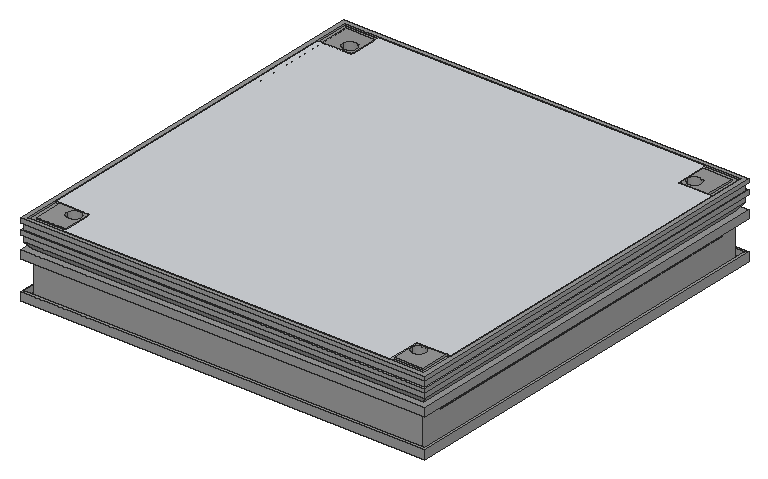
Revit family "ACO ALU Cover 1", category Generic Models, host Floor, Revit 2014
Parameters (values of type "405340 - ACO ALU Cover - 300 x 300")
  e-mail Technical = "abdtechnical@aco.co.uk"
  e-mail Sales = "abdcommercial@aco.co.uk"
  Website = "www.acobd.com"
  Watermarked With = "BIM Manager Premium Suite"  # constant formula
  Watermarked By = "www.acobd.com"
  Watermark 2 = "This file is water marked and users are prohibited to reproduce, adapt, distribute this information"  # constant formula
  Watermark 1 = "This file is the property of ACO Technologies PLC"  # constant formula
  Unfilled Weight (kg) = "4.0"
  Telephone = "+44 (0)1462 816666\r\n"  # constant formula
  Product Type = "Recessed Aluminium Access Cover\r\n"  # constant formula
  Product Standard = "Fabricated Access Covers Trade Association (FACTA)\r\n"  # constant formula
  Product Range = "ACO Alucover\r\n"  # constant formula
  Product Description = "ACO Alucover\r\n"  # constant formula
  Product Code = "405340"
  Price = "POA - contact ACO \r\n"  # constant formula
  Overall Width = 398.00 mm
  Overall Size (W x L x H) = "398 x 398 x 73"
  Overall Length = 398.00 mm
  Overall Height = 73.00 mm  # constant formula
  NBS Specification = "http://issuu.com/acobuildingdrainage/docs/alucover?e=0"
  Manufacturer = "ACO Building Drainage\r\n"  # constant formula
  Maintenance guidelines = "http://issuu.com/acobuildingdrainage/docs/alucover?e=0"
  Installation guidelines = "http://issuu.com/acobuildingdrainage/docs/alucover?e=0"
  Grate Type = "Recessed Aluminium Access Cover\r\n"  # constant formula
  Floor Material [instance] = none
  Fax = "+44 (0)1462 851490\r\n"  # constant formula
  FACTA Load Class (70mm Concrete Infill) = "B"
  FACTA Load Class (50mm Concrete Infill) = "AAA"
  Clear Width = 300.00 mm
  Clear Opening = "300 x 300"
  Clear Length = 300.00 mm
  Body Recycled material content = "Approx 90%\r\n"  # constant formula
  Body Recyclable = "Fully recyclable\r\n"  # constant formula
  Body Material = "Aluminium\r\n"  # constant formula
  Approx Cover Weight (Fully Filled) Kg = "13"
  Address = "ACO Business Centre, Caxton Road, Bedford, MK41 0LF\r\n"  # constant formula
Types (19, lengths in mm): name | Unfilled Weight (kg) | Product Code | Overall Width | Overall Size (W x L x H) | Overall Length | FACTA Load Class (70mm Concrete Infill) | FACTA Load Class (50mm Concrete Infill) | Clear Width | Clear Opening | Clear Length | Approx Cover Weight (Fully Filled) Kg
  (no name) | "4.0" | "405340" | 398.00 | "398 x 398 x 73" | 398.00 | "B" | "AAA" | 300.00 | "300 x 300" | 300.00 | "13"
  405340 - ACO ALU Cover - 300 x 300 | "4.0" | "405340" | 398.00 | "398 x 398 x 73" | 398.00 | "B" | "AAA" | 300.00 | "300 x 300" | 300.00 | "13"
  405341 - ACO ALU Cover - 400 x 400 | "5.0" | "405341" | 498.00 | "498 x 498 x 73" | 498.00 | "B" | "AAA" | 400.00 | "400 x 400" | 400.00 | "23"
  405342 - ACO ALU Cover - 450 x 450 | "6.0" | "405342" | 548.00 | "548 x 548 x73" | 548.00 | "B" | "AA" | 450.00 | "450 x 450" | 450.00 | "29"
  405343 - ACO ALU Cover - 500 x 500 | "7.0" | "405343" | 598.00 | "598 x 598 x 73" | 598.00 | "B" | "AA" | 500.00 | "500 x 500" | 500.00 | "36"
  405344 - ACO ALU Cover - 600 x 400 | "7.0" | "405344" | 698.00 | "698 x 498 x 73" | 498.00 | "B" | "AAA" | 600.00 | "600 x 400" | 400.00 | "35"
  406622 - ACO ALU Cover - 600 x 450 | "7.0" | "406622" | 698.00 | "698 x 548 x 73" | 548.00 | "B" | "AA" | 600.00 | "600 x 450" | 450.00 | "39"
  405345 - ACO ALU Cover - 600 x 600 | "8.0" | "405345" | 698.00 | "698 x 698 x73" | 698.00 | "B" | "AA" | 600.00 | "600 x 600" | 600.00 | "53"
  406624 - ACO ALU Cover - 675 x 675 | "10.0" | "406624" | 773.00 | "773 x 773 x73" | 773.00 | "AAA" | "A" | 675.00 | "675 x 675" | 675.00 | "64"
  405346 - ACO ALU Cover - 800 x 600 | "10.0" | "405346" | 898.00 | "898 x 698 x 73" | 698.00 | "B" | "AA" | 800.00 | "800 x 600" | 600.00 | "71"
  405347 - ACO ALU Cover - 700 x 700 | "10.0" | "405347" | 798.00 | "798 x 798 x73" | 798.00 | "AAA" | "A" | 700.00 | "700 x 700" | 700.00 | "73"
  406623 - ACO ALU Cover - 750 x 600 | "10.0" | "406623" | 848.00 | "848 x 698 x73" | 698.00 | "B" | "AA" | 750.00 | "750 x 600" | 600.00 | "66"
  406625 - ACO ALU Cover - 750 x 750 | "11.0" | "406625\r\n406625" | 848.00 | "848 x 848 x73" | 848.00 | "AAA" | "A" | 750.00 | "750 x750" | 750.00 | "83"
  405348 - ACO ALU Cover - 800 x 800 | "12.0" | "405348" | 898.00 | "898 x 898 x 73" | 898.00 | "AAA" | "A" | 800.00 | "800 x 800" | 800.00 | "95"
  406626 - ACO ALU Cover - 900 x 600 | "11.0" | "406626" | 998.00 | "998 x 698 x 73" | 698.00 | "B" | "AA" | 900.00 | "900 x 600" | 600.00 | "80"
  406627 - ACO ALU Cover - 900 x 900 | "14.0" | "406627" | 998.00 | "998 x 998 x 73" | 998.00 | "AA" | "A" | 900.00 | "900 x 900" | 900.00 | "120"
  405826 - ACO ALU Cover - 1000 x 600 | "12.0" | "405826" | 1098.00 | "1098 x 698 x 73" | 698.00 | "B" | "AA" | 1000.00 | "1000 x 600" | 600.00 | "89"
  405349 - ACO ALU Cover - 1000 x 800 | "13.0" | "405349" | 1098.00 | "1098 x 898 x 73" | 898.00 | "AAA" | "AA" | 1000.00 | "1000 x 800" | 800.00 | "120"
  405350 - ACO ALU Cover - 1000 x 1000 | "16.0" | "405350" | 1098.00 | "1098 x 1098 x 73" | 1098.00 | "AA" | "A" | 1000.00 | "1000 x 1000" | 1000.00 | "150"
Reference planes
  plane 1 "Center (Front/Back)": y = 0
  plane 2: z = 0
  plane 3 "Center (Left/Right)": x = 0
  plane 4: x = -199
  plane 5: x = 199
  plane 6: y = 199
  plane 7: y = -199
  plane 8: z = -73
  plane 9: z = -70
  plane 10: x = -142.6
  plane 11: x = 142.6
  plane 12: y = 142.6
  plane 13: y = -142.6
  plane 14 "Concrete 1": y = 178.42
  plane 15 "Concrete 3": y = -178.42
  plane 16 "Concrete 2": x = 178.42
  plane 17 "Concrete 4": x = -178.42
  plane 18: x = -190.01
  plane 19: x = 190.01
  plane 20: y = -190.01
  plane 21: y = 190.01
  plane 22: z = -15
Forms (mm)
  Extrusion 1, void
    sketch origin (0, 0, 0) x (1, 0, 0) y (0, 1, 0)
      loop
        line (-199, 199) -> (-199, -199) -> (199, -199) -> (199, 199) -> (-199, 199)
    from 0 to -73
  Sweep 2, solid, material "Aluminum"
    path origin (0, 0, 0) x (1, 0, 0) y (0, 1, 0)
      loop
        line (-199, 199) -> (-199, -199) -> (199, -199) -> (199, 199) -> (-199, 199)
    profile origin (0, 199, 0) x (0, 1, 0) y (0, 0, 1)
      loop
        line (0, 0) -> (-4, 0) -> (-4, -10.185) -> (-4.931, -10.185) -> (-4.931, -1) -> (-8.931, -1) -> (-8.931, -5.864) -> (-6.931, -4.771) -> (-6.931, -12.701) -> (-8.989, -11.701) -> (-8.989, -18.501) -> (-12.981, -20.501) -> (-20.581, -20.501) -> (-20.581, -25.501) -> (-18.581, -25.501) -> (-18.581, -22.501) -> (-12.981, -22.501) -> (-12.981, -42.001) -> (-18.581, -42.001) -> (-18.581, -39.001) -> (-20.581, -39.001) -> (-20.581, -44.501) -> (-13.703, -44.501) -> (-14.431, -52.821)
        arc (-14.431, -52.821) -> (-19.98, -55.011) -> (-21.423, -60.8) r 6.519
        line (-21.423, -60.8) -> (-43.023, -60.8) -> (-43.523, -59.8)
        arc (-43.523, -59.8) -> (-50.023, -53.3) -> (-56.523, -59.8) r 6.5
        arc (-56.523, -59.8) -> (-55.903, -62.569) -> (-54.163, -64.811) r 6.5
        line (-54.163, -64.811) -> (-53.5, -65.845) -> (-53.5, -71) -> (-56.4, -71) -> (-56.4, -72) -> (-66.708, -72) -> (-66.708, -73) -> (-46.9, -73) -> (-46.9, -68.4) -> (-44.9, -68.4) -> (-44.9, -66.4) -> (-46.9, -66.4) -> (-46.9, -64.3) -> (-38.1, -64.3) -> (-38.1, -66.4) -> (-40.1, -66.4) -> (-40.1, -68.4) -> (-38.1, -68.4) -> (-38.1, -73) -> (0, -73) -> (0, -64.5) -> (-2, -64.5) -> (-2, -70.5) -> (-7.6, -70.5) -> (-7.6, -29.5) -> (-2, -29.5) -> (-2, -35.5) -> (0, -35.5) -> (0, -27.5) -> (-6.73, -27.5) -> (-2, -20.881) -> (-2, -15.293) -> (0, -14.2) -> (0, -10.2) -> (-2, -10.2) -> (-2, -3.7) -> (0, -3.7) -> (0, 0)
      loop
        line (-9.6, -70.5) -> (-9.6, -64.3) -> (-19.7, -64.3) -> (-19.7, -70.5) -> (-9.6, -70.5)
      loop
        line (-21.7, -70.5) -> (-21.7, -64.3) -> (-36.1, -64.3) -> (-36.1, -70.5) -> (-21.7, -70.5)
      loop
        circle (-50.023, -59.8) r 4.5
  Extrusion 3, solid, material "Aluminum"
    sketch origin (0, 0, 0) x (1, 0, 0) y (0, 1, 0)
      loop
        line (-190, 190) -> (-190, 161) -> (-163.5, 161)
        arc (-163.5, 161) -> (-161.732, 161.732) -> (-161, 163.5) r 2.5
        line (-161, 163.5) -> (-161, 190) -> (-190, 190)
    from 0 to -15
  Extrusion 4, void
    sketch origin (0, 0, 0) x (1, 0, 0) y (0, 1, 0)
      loop
        circle (-169.5, 169.5) r 6.965
    from 0 to -10
  Extrusion 5, solid, material "Aluminum"
    sketch origin (0, 0, 0) x (-1, 0, 0) y (0, -1, 0)
      loop
        line (-190, -190) -> (-161, -190) -> (-161, -163.5)
        arc (-161, -163.5) -> (-161.732, -161.732) -> (-163.5, -161) r 2.5
        line (-163.5, -161) -> (-190, -161) -> (-190, -190)
    from 0 to -15
  Extrusion 6, void
    sketch origin (0, 0, 0) x (-1, 0, 0) y (0, -1, 0)
      loop
        circle (-169.5, -169.5) r 6.965
    from 0 to -10
  Extrusion 7, solid, material "Aluminum"
    sketch origin (0, 0, 0) x (1, 0, 0) y (0, 1, 0)
      loop
        line (-190, -190) -> (-161, -190) -> (-161, -163.5)
        arc (-161, -163.5) -> (-161.732, -161.732) -> (-163.5, -161) r 2.5
        line (-163.5, -161) -> (-190, -161) -> (-190, -190)
    from 0 to -15
  Extrusion 8, void
    sketch origin (0, 0, 0) x (1, 0, 0) y (0, 1, 0)
      loop
        circle (-169.5, -169.5) r 6.965
    from 0 to -10
  Extrusion 9, solid, material "Aluminum"
    sketch origin (0, 0, 0) x (-1, 0, 0) y (0, -1, 0)
      loop
        line (-190, 190) -> (-190, 161) -> (-163.5, 161)
        arc (-163.5, 161) -> (-161.732, 161.732) -> (-161, 163.5) r 2.5
        line (-161, 163.5) -> (-161, 190) -> (-190, 190)
    from 0 to -15
  Extrusion 10, void
    sketch origin (0, 0, 0) x (1, 0, 0) y (0, 1, 0)
      loop
        circle (169.5, -169.5) r 6.965
    from 0 to -10
  Extrusion 11, solid, material "Aluminum"
    sketch origin (0, 0, 0) x (1, 0, 0) y (0, 1, 0)
      loop
        line (-142.6, 142.6) -> (-142.6, -142.6) -> (142.6, -142.6) -> (142.6, 142.6) -> (-142.6, 142.6)
    from -70 to -73
  Extrusion 12, solid, material <- "Floor Material"
    sketch origin (0, 0, 0) x (1, 0, 0) y (0, 1, 0)
      loop
        line (-161, 194.07) -> (-161, 161) -> (-194.07, 161) -> (-194.07, -161) -> (-161, -161) -> (-161, -194.07) -> (161, -194.07) -> (161, -161) -> (194.07, -161) -> (194.07, 161) -> (161, 161) -> (161, 194.07) -> (-161, 194.07)
    from 0 to -15
  Extrusion 13, solid, material "Concrete, C25/30"
    sketch origin (0, 0, 0) x (1, 0, 0) y (0, 0, 1)
      loop
        line (-142.6, -71) -> (-142.6, -70) -> (0, -70) -> (142.6, -70) -> (142.6, -71) -> (145.5, -71) -> (145.5, -65.845) -> (144.837, -64.811)
        arc (144.837, -64.811) -> (143.097, -62.569) -> (142.477, -59.8) r 6.5
        arc (142.477, -59.8) -> (148.977, -53.3) -> (155.477, -59.8) r 6.5
        line (155.477, -59.8) -> (155.977, -60.8) -> (177.577, -60.8)
        arc (177.577, -60.8) -> (179.02, -55.011) -> (184.569, -52.821) r 6.519
        line (184.569, -52.821) -> (185.297, -44.501) -> (178.419, -44.501) -> (178.419, -39.001) -> (180.419, -39.001) -> (180.419, -42.001) -> (186.019, -42.001) -> (186.019, -22.501) -> (180.419, -22.501) -> (180.419, -25.501) -> (178.419, -25.501) -> (178.419, -20.501) -> (186.019, -20.501) -> (190.01, -18.502) -> (190.01, -15) -> (0, -15) -> (-190.01, -15) -> (-190.01, -18.502) -> (-186.019, -20.501) -> (-178.419, -20.501) -> (-178.419, -25.501) -> (-180.419, -25.501) -> (-180.419, -22.501) -> (-186.019, -22.501) -> (-186.019, -42.001) -> (-180.419, -42.001) -> (-180.419, -39.001) -> (-178.419, -39.001) -> (-178.419, -44.501) -> (-185.297, -44.501) -> (-184.569, -52.821)
        arc (-184.569, -52.821) -> (-179.02, -55.011) -> (-177.577, -60.8) r 6.519
        line (-177.577, -60.8) -> (-155.977, -60.8) -> (-155.477, -59.8)
        arc (-155.477, -59.8) -> (-148.977, -53.3) -> (-142.477, -59.8) r 6.5
        arc (-142.477, -59.8) -> (-143.097, -62.569) -> (-144.837, -64.811) r 6.5
        line (-144.837, -64.811) -> (-145.5, -65.845) -> (-145.5, -71) -> (-142.6, -71)
    from -190.01 to 190.01
Cuts and joins
  Extrusion 4 cuts Extrusion 3
  Extrusion 6 cuts Extrusion 5
  Extrusion 8 cuts Extrusion 7
  Extrusion 10 cuts Extrusion 9
Lines and regions (mm)
  symbolic lines
    curve 1: line (-199, 0, -73) -> (199, 0, -73)
    curve 2: line (-199, 0, 0) -> (199, 0, 0)
    curve 3: line (0, 199, 0) -> (0, -199, 0)
    curve 5: line (0, -199, -73) -> (0, 199, -73)
  symbolic lines, detail levels coarse
    curve 4: line (0, -199, 0) -> (0, -199, -73)
    curve 6: line (0, 199, -73) -> (0, 199, 0)
    curve 36: line (-199, 0, 0) -> (-199, 0, -73)
    curve 37: line (199, 0, 0) -> (199, 0, -73)
  symbolic lines, detail levels medium+fine
    curve 7: line (-199, 0, 0) -> (-199, 0, -3.7)
    curve 8: line (-199, 0, -3.7) -> (-197, 0, -3.7)
    curve 9: line (-197, 0, -3.7) -> (-197, 0, -10.2)
    curve 10: line (-197, 0, -10.2) -> (-199, 0, -10.2)
    curve 11: line (-199, 0, -10.2) -> (-199, 0, -14.2)
    curve 12: line (-199, 0, -14.2) -> (-197, 0, -15.293)
    curve 13: line (-197, 0, -15.293) -> (-197, 0, -20.881)
    curve 14: line (-197, 0, -20.881) -> (-192.27, 0, -27.5)
    curve 15: line (-192.27, 0, -27.5) -> (-199, 0, -27.5)
    curve 16: line (-199, 0, -27.5) -> (-199, 0, -35.5)
    curve 17: line (-199, 0, -35.5) -> (-196.4, 0, -35.5)
    curve 18: line (-196.4, 0, -35.5) -> (-196.4, 0, -64.5)
    curve 19: line (-196.4, 0, -64.5) -> (-199, 0, -64.5)
    curve 20: line (-199, 0, -64.5) -> (-199, 0, -73)
    curve 21: line (199, 0, 0) -> (199, 0, -3.7)
    curve 22: line (197, 0, -3.7) -> (197, 0, -10.2)
    curve 23: line (197, 0, -10.2) -> (199, 0, -10.2)
    curve 24: line (199, 0, -10.2) -> (199, 0, -14.2)
    curve 25: line (199, 0, -14.2) -> (197, 0, -15.293)
    curve 26: line (197, 0, -15.293) -> (197, 0, -20.881)
    curve 27: line (197, 0, -20.881) -> (192.27, 0, -27.5)
    curve 28: line (192.27, 0, -27.5) -> (199, 0, -27.5)
    curve 29: line (199, 0, -27.5) -> (199, 0, -35.5)
    curve 30: line (199, 0, -35.5) -> (196.4, 0, -35.5)
    curve 31: line (196.4, 0, -35.5) -> (196.4, 0, -64.5)
    curve 32: line (196.4, 0, -64.5) -> (199, 0, -64.5)
    curve 33: line (199, 0, -64.5) -> (199, 0, -73)
    curve 34: line (199, 0, 0) -> (199, 0, -3.7)
    curve 35: line (199, 0, -3.7) -> (197, 0, -3.7)
    curve 38: line (-197, 0, -3.7) -> (197, 0, -3.7)
    curve 39: line (-197, 0, -10.2) -> (197, 0, -10.2)
    curve 40: line (-197, 0, -15.293) -> (197, 0, -15.293)
    curve 41: line (-197, 0, -20.881) -> (197, 0, -20.881)
    curve 42: line (-192.27, 0, -27.5) -> (192.27, 0, -27.5)
    curve 43: line (-196.4, 0, -35.5) -> (196.4, 0, -35.5)
    curve 44: line (-196.4, 0, -64.5) -> (196.4, 0, -64.5)
    curve 45: line (0, 199, 0) -> (0, 199, -3.7)
    curve 46: line (0, 199, -3.7) -> (0, 197, -3.7)
    curve 47: line (0, 197, -3.7) -> (0, 197, -10.2)
    curve 48: line (0, 197, -10.2) -> (0, 199, -10.2)
    curve 49: line (0, 199, -10.2) -> (0, 199, -14.2)
    curve 50: line (0, 199, -14.2) -> (0, 197, -15.293)
    curve 51: line (0, 197, -15.293) -> (0, 197, -20.881)
    curve 52: line (0, 197, -20.881) -> (0, 192.27, -27.5)
    curve 53: line (0, 192.27, -27.5) -> (0, 199, -27.5)
    curve 54: line (0, 199, -27.5) -> (0, 199, -35.5)
    curve 55: line (0, 199, -35.5) -> (0, 196.4, -35.5)
    curve 56: line (0, 196.4, -35.5) -> (0, 196.4, -64.5)
    curve 57: line (0, 196.4, -64.5) -> (0, 199, -64.5)
    curve 58: line (0, 199, -64.5) -> (0, 199, -73)
    curve 59: line (0, -199, 0) -> (0, -199, -3.7)
    curve 60: line (0, -199, -3.7) -> (0, -197, -3.7)
    curve 61: line (0, -197, -3.7) -> (0, -197, -10.2)
    curve 62: line (0, -197, -10.2) -> (0, -199, -10.2)
    curve 63: line (0, -199, -10.2) -> (0, -199, -14.2)
    curve 64: line (0, -199, -14.2) -> (0, -197, -15.293)
    curve 65: line (0, -197, -15.293) -> (0, -197, -20.881)
    curve 66: line (0, -197, -20.881) -> (0, -192.27, -27.5)
    curve 67: line (0, -192.27, -27.5) -> (0, -199, -27.5)
    curve 68: line (0, -199, -27.5) -> (0, -199, -35.5)
    curve 69: line (0, -199, -35.5) -> (0, -196.4, -35.5)
    curve 70: line (0, -196.4, -35.5) -> (0, -196.4, -64.5)
    curve 71: line (0, -196.4, -64.5) -> (0, -199, -64.5)
    curve 72: line (0, -199, -64.5) -> (0, -199, -73)
    curve 73: line (0, 197, -3.7) -> (0, -197, -3.7)
    curve 74: line (0, 197, -10.2) -> (0, -197, -10.2)
    curve 75: line (0, 197, -15.293) -> (0, -197, -15.293)
    curve 76: line (0, 197, -20.881) -> (0, -197, -20.881)
    curve 77: line (0, 192.27, -27.5) -> (0, -192.27, -27.5)
    curve 78: line (0, 196.4, -35.5) -> (0, -196.4, -35.5)
    curve 79: line (0, 196.4, -64.5) -> (0, -196.4, -64.5)
Dimensions and locks
  equal spacing: plane 4, plane 3 "Center (Left/Right)", plane 5
  "Overall Width": plane 4 to plane 5
  equal spacing: plane 6, plane 1 "Center (Front/Back)", plane 7
  "Overall Length": plane 6 to plane 7
  "Overall Height": plane 2 to plane 8
  locked: plane 4 to cut or joined group of Extrusion 3, Extrusion 4 at 9
  locked: plane 6 to cut or joined group of Extrusion 3, Extrusion 4 at 9
  locked: cut or joined group of Extrusion 3, Extrusion 4 to cut or joined group of Extrusion 3, Extrusion 4 at 29
  locked: plane 6 to Extrusion 4 sketch curve at 29.5
  locked: plane 4 to Extrusion 4 sketch curve at 29.5
  locked: cut or joined group of Extrusion 5, Extrusion 6 to plane 5 at 9
  locked: plane 6 to cut or joined group of Extrusion 5, Extrusion 6 at 9
  locked: plane 4 to cut or joined group of Extrusion 7, Extrusion 8 at 9
  locked: cut or joined group of Extrusion 7, Extrusion 8 to plane 7 at 9
  locked: Extrusion 10 sketch curve to plane 5 at 29.5
  locked: Extrusion 10 sketch curve to plane 7 at 29.5
  locked: cut or joined group of Extrusion 9, Extrusion 10 to plane 5 at 9
  locked: cut or joined group of Extrusion 9, Extrusion 10 to plane 7 at 9
  locked: plane 9 to plane 8 at 3
  locked: plane 4 to plane 10 at 56.4
  locked: plane 11 to plane 5 at 56.4
  locked: plane 6 to plane 12 at 56.4
  locked: plane 13 to plane 7 at 56.4
  locked: plane 4 to Extrusion 12 sketch curve at 38  (x2)
  locked: Extrusion 12 sketch curve to plane 5 at 38  (x2)
  locked: plane 6 to Extrusion 12 sketch curve at 38
  locked: Extrusion 12 sketch curve to plane 6 at 38
  locked: Extrusion 12 sketch curve to plane 7 at 38  (x2)
  locked: plane 7 to Extrusion 12 sketch curve at 4.93
  locked: Extrusion 12 sketch curve to plane 6 at 4.93
  locked: plane 4 to Extrusion 12 sketch curve at 4.93
  locked: Extrusion 12 sketch curve to plane 5 at 4.93
  locked: plane 6 to plane 14 "Concrete 1" at 20.58
  locked: plane 15 "Concrete 3" to plane 7 at 20.58
  locked: plane 16 "Concrete 2" to plane 5 at 20.58
  locked: plane 4 to plane 17 "Concrete 4" at 20.58
  locked: plane 4 to plane 18 at 8.99
  locked: plane 19 to plane 5 at 8.99
  locked: plane 6 to plane 21 at 8.99
  locked: plane 20 to plane 7 at 8.99
  locked: plane 2 to plane 22 at 15
  aligned and locked: level to plane 2
  aligned and locked: Extrusion 1 sketch curve to plane 6
  aligned and locked: Extrusion 1 sketch curve to plane 5
  aligned and locked: plane 7 to Extrusion 1 sketch curve
  aligned and locked: Extrusion 1 sketch curve to plane 4
  aligned and locked: plane 8 to Extrusion 1
  aligned and locked: Sweep 2 sketch curve to plane 6
  aligned and locked: Sweep 2 sketch curve to plane 5
  aligned and locked: plane 7 to Sweep 2 sketch curve
  aligned and locked: plane 4 to Sweep 2 sketch curve
  aligned and locked: profile plane to Sweep 2 sketch curve  (x5)
  aligned and locked: Sweep 2 sketch curve to Sweep 2 sketch curve  (x6)
  aligned and locked: plane 8 to Sweep 2 sketch curve
  aligned and locked: Sweep 2 sketch curve to plane 8
  aligned and locked: plane 8 to curve 1
  aligned and locked: curve 2 to host floor
  aligned and locked: level to curve 3
  aligned and locked: curve 4 to plane 7
  aligned and locked: plane 8 to curve 5
  aligned and locked: plane 6 to curve 6
  aligned and locked: curve 7 to plane 4
  aligned and locked: curve 8 to curve 38
  aligned and locked: curve 17 to curve 43
  aligned and locked: curve 45 to plane 6
  aligned and locked: curve 46 to curve 73
  aligned and locked: curve 55 to curve 78
  aligned and locked: Extrusion 11 sketch curve to plane 12
  aligned and locked: Extrusion 11 sketch curve to plane 11
  aligned and locked: plane 13 to Extrusion 11 sketch curve
  aligned and locked: Extrusion 11 sketch curve to plane 10
  aligned and locked: plane 8 to Extrusion 11
  aligned and locked: plane 9 to Extrusion 11
  aligned and locked: Extrusion 13 sketch curve to Extrusion 13 sketch curve  (x2)
  aligned and locked: plane 3 "Center (Left/Right)" to Extrusion 13 sketch curve  (x2)
  aligned and locked: plane 18 to Extrusion 13 sketch curve
  aligned and locked: plane 19 to Extrusion 13 sketch curve
  aligned and locked: plane 22 to Extrusion 13 sketch curve
  aligned and locked: Extrusion 13 sketch curve to plane 22
  aligned and locked: plane 21 to Extrusion 13
  aligned and locked: Extrusion 13 to plane 20
  aligned and locked: plane 11 to Extrusion 13 sketch curve
  aligned and locked: Extrusion 11 to Extrusion 13 sketch curve
  aligned and locked: plane 10 to Extrusion 13 sketch curve
  aligned and locked: Extrusion 13 sketch curve to plane 9
  aligned and locked: Sweep 2 sketch curve to plane 12
Automatic sketch dimensions
  Extrusion 8 sketch curve to plane 15 "Concrete 3" = 8.92 mm
  Extrusion 6 sketch curve to plane 14 "Concrete 1" = 8.92 mm
  Extrusion 8 sketch curve to plane 17 "Concrete 4" = 8.92 mm
  Extrusion 6 sketch curve to plane 16 "Concrete 2" = 8.92 mm
  curve 62 to plane 7 = 0.00 mm
  curve 49 to plane 6 = 0.00 mm
  plane 7 to curve 67 = 0.00 mm
  plane 7 to curve 74 = 2.00 mm
  plane 7 to curve 76 = 2.00 mm
  plane 7 to curve 70 = 2.60 mm
  curve 77 to plane 20 = 2.26 mm
  plane 21 to curve 77 = 2.26 mm
  curve 78 to plane 6 = 2.60 mm
  curve 47 to plane 6 = 2.00 mm
  curve 52 to plane 6 = 2.00 mm
  curve 53 to plane 6 = 0.00 mm
  plane 9 to curve 57 = 5.50 mm
  plane 22 to curve 69 = 20.50 mm
  curve 54 to curve 54 = 8.00 mm
  plane 22 to curve 52 = 5.881 mm
  plane 22 to curve 64 = 0.293 mm
  curve 49 to plane 22 = 0.80 mm
  curve 63 to plane 22 = 0.80 mm
  curve 63 to curve 62 = 4.00 mm
  curve 46 to level = 3.70 mm
  curve 17 to plane 4 = 0.00 mm
  curve 11 to plane 4 = 0.00 mm
  curve 35 to plane 5 = 0.00 mm
  curve 24 to plane 5 = 0.00 mm
  curve 28 to plane 5 = 0.00 mm
  plane 4 to curve 14 = 2.00 mm
  plane 4 to curve 38 = 2.00 mm
  plane 4 to curve 18 = 2.60 mm
  curve 42 to plane 18 = 2.26 mm
  plane 19 to curve 27 = 2.26 mm
  curve 31 to curve 32 = 2.60 mm
  curve 35 to curve 21 = 2.00 mm
  curve 41 to plane 5 = 2.00 mm
  plane 9 to curve 32 = 5.50 mm
  plane 22 to curve 18 = 20.50 mm
  curve 17 to curve 15 = 8.00 mm
  plane 22 to curve 41 = 5.881 mm
  plane 22 to curve 13 = 0.293 mm
  curve 24 to plane 22 = 0.80 mm
  curve 11 to plane 22 = 0.80 mm
  curve 11 to curve 9 = 4.00 mm
  curve 22 to level = 3.70 mm
  plane 18 to Extrusion 3 sketch curve = 0.01 mm
  plane 17 "Concrete 4" to Extrusion 3 sketch curve = 14.92 mm
  Extrusion 3 sketch curve to plane 21 = 0.01 mm
  plane 17 "Concrete 4" to Extrusion 3 sketch curve = 17.42 mm
  Extrusion 3 sketch curve to plane 14 "Concrete 1" = 14.92 mm
  Extrusion 5 sketch curve to plane 19 = 0.01 mm
  Extrusion 5 sketch curve to plane 16 "Concrete 2" = 14.92 mm
  Extrusion 5 sketch curve to plane 21 = 0.01 mm
  Extrusion 5 sketch curve to plane 16 "Concrete 2" = 17.42 mm
  Extrusion 5 sketch curve to plane 14 "Concrete 1" = 14.92 mm
  Extrusion 7 sketch curve to plane 18 = 0.01 mm
  Extrusion 7 sketch curve to plane 17 "Concrete 4" = 14.92 mm
  Extrusion 7 sketch curve to plane 20 = 0.01 mm
  Extrusion 7 sketch curve to plane 17 "Concrete 4" = 17.42 mm
  Extrusion 7 sketch curve to plane 15 "Concrete 3" = 14.92 mm
  Extrusion 9 sketch curve to plane 19 = 0.01 mm
  Extrusion 9 sketch curve to plane 16 "Concrete 2" = 14.92 mm
  plane 20 to Extrusion 9 sketch curve = 0.01 mm
  Extrusion 9 sketch curve to plane 16 "Concrete 2" = 17.42 mm
  plane 15 "Concrete 3" to Extrusion 9 sketch curve = 14.92 mm
  Extrusion 13 sketch curve to Extrusion 13 sketch curve = 0.00 mm  (x2)
  plane 18 to Extrusion 13 sketch curve = 3.991 mm  (x2)
  Extrusion 13 sketch curve to Extrusion 13 sketch curve = 0.722 mm  (x2)
  plane 18 to Extrusion 13 sketch curve = 5.441 mm
  Extrusion 13 sketch curve to plane 17 "Concrete 4" = 5.504 mm
  Extrusion 13 sketch curve to plane 17 "Concrete 4" = 1.999 mm
  plane 17 "Concrete 4" to Extrusion 13 sketch curve = 0.001 mm  (x2)
  plane 17 "Concrete 4" to Extrusion 13 sketch curve = 0.843 mm
  Extrusion 13 sketch curve to plane 10 = 13.377 mm
  Extrusion 13 sketch curve to Extrusion 13 sketch curve = 0.50 mm  (x2)
  Extrusion 13 sketch curve to plane 10 = 6.377 mm
  Extrusion 13 sketch curve to plane 10 = 2.90 mm
  Extrusion 13 sketch curve to Extrusion 13 sketch curve = 0.663 mm
  plane 11 to Extrusion 13 sketch curve = 2.237 mm
  Extrusion 13 sketch curve to plane 9 = 1.00 mm  (x2)
  plane 11 to Extrusion 13 sketch curve = 2.90 mm
  plane 11 to Extrusion 13 sketch curve = 6.377 mm
  plane 9 to Extrusion 13 sketch curve = 10.20 mm
  Extrusion 13 sketch curve to Extrusion 13 sketch curve = 6.50 mm
  Extrusion 13 sketch curve to plane 16 "Concrete 2" = 0.843 mm
  Extrusion 13 sketch curve to plane 16 "Concrete 2" = 0.001 mm  (x2)
  plane 16 "Concrete 2" to Extrusion 13 sketch curve = 1.999 mm
  plane 16 "Concrete 2" to Extrusion 13 sketch curve = 5.504 mm
  Extrusion 13 sketch curve to plane 19 = 5.441 mm
  Extrusion 13 sketch curve to plane 19 = 4.713 mm
  Extrusion 13 sketch curve to plane 19 = 3.991 mm
  plane 9 to Extrusion 13 sketch curve = 4.155 mm
  Extrusion 13 sketch curve to Extrusion 13 sketch curve = 1.034 mm  (x2)
  plane 9 to Extrusion 13 sketch curve = 9.20 mm  (x2)
  Extrusion 13 sketch curve to Extrusion 13 sketch curve = 1.492 mm  (x2)
  Extrusion 13 sketch curve to Extrusion 13 sketch curve = 8.32 mm  (x2)
  Extrusion 13 sketch curve to Extrusion 13 sketch curve = 2.50 mm  (x2)
  Extrusion 13 sketch curve to Extrusion 13 sketch curve = 3.00 mm  (x4)
  plane 22 to Extrusion 13 sketch curve = 10.501 mm  (x2)
  Extrusion 13 sketch curve to Extrusion 13 sketch curve = 2.00 mm  (x2)
  Extrusion 13 sketch curve to Extrusion 13 sketch curve = 3.502 mm  (x2)
  Sweep 2 sketch curve to Sweep 2 sketch curve = 0.00 mm  (x6)
  Sweep 2 sketch curve to Sweep 2 sketch curve = 10.308 mm
  Sweep 2 sketch curve to Sweep 2 sketch curve = 2.237 mm
  Sweep 2 sketch curve to Sweep 2 sketch curve = 2.90 mm
  Sweep 2 sketch curve to Sweep 2 sketch curve = 4.14 mm
  Sweep 2 sketch curve to Sweep 2 sketch curve = 6.60 mm
  Sweep 2 sketch curve to Sweep 2 sketch curve = 2.00 mm  (x11)
  Sweep 2 sketch curve to Sweep 2 sketch curve = 3.377 mm
  Sweep 2 sketch curve to Sweep 2 sketch curve = 0.50 mm
  Sweep 2 sketch curve to Sweep 2 sketch curve = 4.80 mm
  Sweep 2 sketch curve to Sweep 2 sketch curve = 14.40 mm
  Sweep 2 sketch curve to Sweep 2 sketch curve = 0.277 mm
  Sweep 2 sketch curve to Sweep 2 sketch curve = 0.842 mm
  Sweep 2 sketch curve to Sweep 2 sketch curve = 6.346 mm
  Sweep 2 sketch curve to Sweep 2 sketch curve = 0.646 mm
  Sweep 2 sketch curve to Sweep 2 sketch curve = 4.878 mm
  Sweep 2 sketch curve to Sweep 2 sketch curve = 5.60 mm
  Sweep 2 sketch curve to Sweep 2 sketch curve = 0.722 mm
  Sweep 2 sketch curve to Sweep 2 sketch curve = 5.476 mm
  Sweep 2 sketch curve to Sweep 2 sketch curve = 3.992 mm
  Sweep 2 sketch curve to Sweep 2 sketch curve = 0.057 mm
  profile plane to Sweep 2 sketch curve = 7.60 mm
  Sweep 2 sketch curve to Sweep 2 sketch curve = 0.87 mm
  Sweep 2 sketch curve to level = 1.00 mm
  Sweep 2 sketch curve to Sweep 2 sketch curve = 4.00 mm  (x2)
  Sweep 2 sketch curve to Sweep 2 sketch curve = 0.931 mm
  profile plane to Sweep 2 sketch curve = 2.00 mm  (x3)
  Sweep 2 sketch curve to Sweep 2 sketch curve = 1.00 mm  (x3)
  Sweep 2 sketch curve to Sweep 2 sketch curve = 2.50 mm  (x3)
  Sweep 2 sketch curve to Sweep 2 sketch curve = 4.60 mm
  Sweep 2 sketch curve to Sweep 2 sketch curve = 5.155 mm
  Sweep 2 sketch curve to Sweep 2 sketch curve = 1.034 mm
  Sweep 2 sketch curve to Sweep 2 sketch curve = 6.00 mm  (x2)
  Sweep 2 sketch curve to Sweep 2 sketch curve = 2.10 mm
  Sweep 2 sketch curve to Sweep 2 sketch curve = 3.50 mm
  Sweep 2 sketch curve to Sweep 2 sketch curve = 1.492 mm
  Sweep 2 sketch curve to Sweep 2 sketch curve = 8.32 mm
  Sweep 2 sketch curve to Sweep 2 sketch curve = 3.00 mm  (x2)
  Sweep 2 sketch curve to Sweep 2 sketch curve = 6.501 mm
  Sweep 2 sketch curve to Sweep 2 sketch curve = 13.50 mm
  Sweep 2 sketch curve to Sweep 2 sketch curve = 6.619 mm
  Sweep 2 sketch curve to Sweep 2 sketch curve = 5.588 mm
  Sweep 2 sketch curve to Sweep 2 sketch curve = 1.093 mm  (x2)
  Sweep 2 sketch curve to Sweep 2 sketch curve = 2.592 mm
  Sweep 2 sketch curve to Sweep 2 sketch curve = 0.015 mm
  Sweep 2 sketch curve to Sweep 2 sketch curve = 4.864 mm
  Sweep 2 sketch curve to Sweep 2 sketch curve = 3.70 mm
  radius of Extrusion 4 sketch curve = 6.965 mm
  radius of Extrusion 8 sketch curve = 6.965 mm
  radius of Extrusion 10 sketch curve = 6.965 mm
  radius of Extrusion 6 sketch curve = 6.965 mm
  radius of Sweep 2 sketch curve = 4.50 mm
